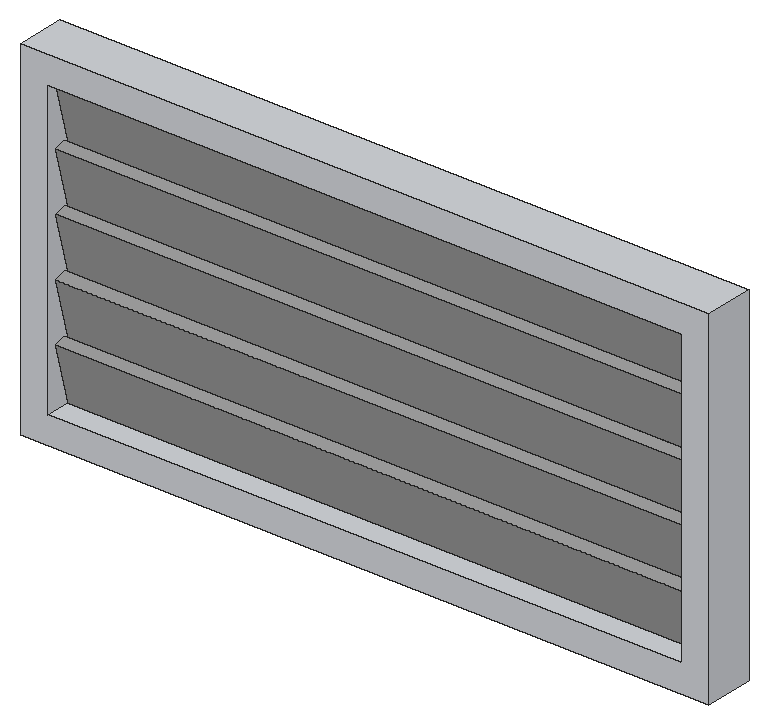
Revit family "WLV_A3-1130x574-Louvre-(2)", category Windows, host Wall, Revit 2016
Family settings
  Host = Wall
  Always vertical = Yes
  Cut with Voids When Loaded = No
  Shared = No
  Room Calculation Point = No
Parameters (values of type "1190 x 1190 Louvre")
  Lovre Height Half = Louvre Width / 2 + (Frame Width)  # 95 mm
  Louvre Width = 100 mm
  Louvre Finish = Default
  Louvre Angle = -15.00°
  Inside Width = Width - (45 mm * 2)  # 1040 mm
  Inside Height = Height - (45 mm * 2)  # 484 mm
  Inset = 115 mm
  Height = 574 mm
  Head Height = 2125 mm
  Frame Width = 45 mm
  Frame Finish = none
  Default Sill Height = 800 mm
  Wall Closure = By host
  Width = 1130 mm
  Array = Inside Height / Louvre Width  # 5
Reference planes
  plane 1: y = 0
  plane 2 "Center (Left/Right)": x = 0
  plane 3 "Left": x = -565
  plane 4 "Right": x = 565
  plane 5 "Sill": z = 1551
  plane 6 "Head": z = 2125
  plane 7 "Exterior": y = 115
  plane 8 "Interior": y = -115
  plane 9 "Inset": y = 0
  plane 10: z = 1646
  plane 11: z = 2030
Forms (mm)
  Sweep 1, solid, material <- "Frame Finish"
    path origin (0, 0, 0) x (-1, 0, 0) y (0, 0, 1)
      loop
        line (-565, 1551) -> (565, 1551) -> (565, 2125) -> (-565, 2125) -> (-565, 1551)
    profile "Profile Rectangle : Profile Rectangle" origin (0, 0, 1551) x (0, 0, 1) y (0, 1, 0)
      loop
        line (0, -40) -> (45, -40) -> (45, 40) -> (0, 40) -> (0, -40)
Lines and regions (mm)
  Opening 1
    outline origin (3500, -115, 0) x (1, 0, 0) y (0, 0, 1)
      loop
        line (-2935, 1551) -> (-2935, 2125) -> (-4065, 2125) -> (-4065, 1551) -> (-2935, 1551)
Text (mm)
  text "EXTERIOR" at (-1963.203, 1332.353, 0), in view "Ref. Level"
  text "INTERIOR" at (-1981.466, -818.386, 0), in view "Ref. Level"
  text "Exterior" at (0, 923.751, 2943.296), in view "Right"
  text "Exterior" at (0, 1040.484, 2685.409), in view "Left"
Dimensions and locks
  equal spacing: plane 3 "Left", plane 2 "Center (Left/Right)", plane 4 "Right"
  "Width": plane 3 "Left" to plane 4 "Right"
  "Height": plane 5 "Sill" to plane 6 "Head"
  "Head Height": plane 6 "Head" to level
  locked: plane 7 "Exterior" to host wall at 0
  locked: plane 8 "Interior" to host wall
  "Inset": plane 9 "Inset" to plane 7 "Exterior"
  equal spacing: group 1, group 3, group 4, group 5, group 2  (x3)
  "Lovre Height Half": plane 5 "Sill" to plane 10
  "Lovre Height Half": plane 11 to plane 6 "Head"
  aligned and locked: plane 2 "Center (Left/Right)" to nested 1
  aligned and locked: host wall to nested 1
  aligned and locked: plane 11 to nested 2
  aligned and locked: plane 10 to nested 1
Automatic sketch dimensions
  Opening 1 sketch curve to plane 3 "Left" = 0 mm
  Opening 1 sketch curve to plane 4 "Right" = 0 mm
  Opening 1 sketch curve to plane 5 "Sill" = 0 mm
  Opening 1 sketch curve to plane 6 "Head" = 0 mm
  Sweep 1 sketch curve to plane 4 "Right" = 0 mm
  Sweep 1 sketch curve to plane 3 "Left" = 0 mm
  Sweep 1 sketch curve to plane 5 "Sill" = 0 mm
  Sweep 1 sketch curve to plane 6 "Head" = 0 mm
Nested families
  nested 1: "Louvre Component" at (0, 0, 1596), type "100mm Louvre"
    with Width Inside 1040 mm, Louvre Angle -15.00°
  nested 2: "Louvre Component" at (0, 0, 1980), type "100mm Louvre"
    with Width Inside 1040 mm, Louvre Angle -15.00°
  nested 3: "Louvre Component" at (0, 0, 1692), type "100mm Louvre"
    with Width Inside 1040 mm, Louvre Angle -15.00°
  nested 4: "Louvre Component" at (0, 0, 1788), type "100mm Louvre"
    with Width Inside 1040 mm, Louvre Angle -15.00°
  nested 5: "Louvre Component" at (0, 0, 1884), type "100mm Louvre"
    with Width Inside 1040 mm, Louvre Angle -15.00°
Definition of nested family "Louvre Component"
  Parameters
    Width Inside = 1000 mm
    Louvre Size = 100 mm
    Louvre Finish = none
    Louvre Angle = 5.00°
    Frame width = 45 mm
  Reference planes
    plane 1 "Center (Front/Back)": y = 0
    plane 2: z = 0
    plane 3 "Center (Left/Right)": x = 0
    plane 4: x = -500
    plane 5: x = 500
    plane 6: x = 545
    plane 7: x = -545
    plane 8: z = 100
    plane 9: z = 50
  Forms (mm)
    Extrusion 1, solid, material <- "Louvre Finish"
      sketch origin (0, 0, 0) x (0, 1, 0) y (0, 0, 1)
        loop
          line (8.716, 99.619) -> (0, 0) -> (19.924, -1.743) -> (28.639, 97.876) -> (8.716, 99.619)
      from -500 to 500
  Lines and regions (mm)
    reference lines
      curve 1: line (0, 0, 0) -> (0, 54.037, 617.641)
  Dimensions and locks
    equal spacing: plane 4, plane 3 "Center (Left/Right)", plane 5
    "Width Inside": plane 4 to plane 5
    "Frame width": plane 7 to plane 4
    "Frame width": plane 5 to plane 6
    "Louvre Size": Extrusion 1 sketch curve to Extrusion 1 sketch curve
    locked: Extrusion 1 sketch curve to Extrusion 1 sketch curve at 20
    equal spacing: plane 8, plane 9, level
    "Louvre Angle": angle plane 1 "Center (Front/Back)" to curve 1
    aligned and locked: plane 5 to Extrusion 1
    aligned and locked: Extrusion 1 to plane 4
    aligned and locked: Extrusion 1 sketch curve to curve 1
  Automatic sketch dimensions
    Extrusion 1 sketch curve to level = 0 mm
    curve 1 to level = 0 mm
    curve 1 to plane 1 "Center (Front/Back)" = 0 mm
